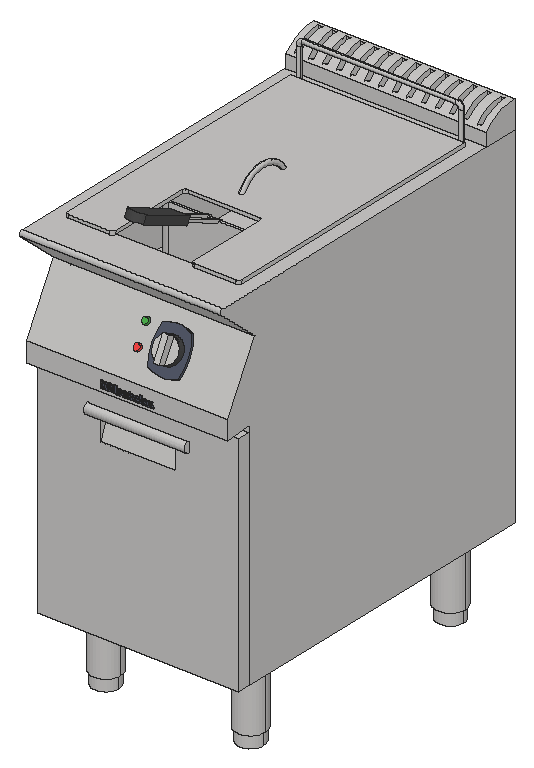
Revit family "QF_ELECTROLUXPROFESSIONAL_371081_E7FRED1GF0", category Specialty Equipment, Revit 2018 (continued)
Automatic sketch dimensions
  Extrusion 39 sketch curve to Extrusion 39 sketch curve = 1.345 mm  (x2)
  Extrusion 39 sketch curve to Extrusion 39 sketch curve = 0.137 mm  (x2)
  Extrusion 39 sketch curve to Extrusion 39 sketch curve = 0.432 mm
  Extrusion 39 sketch curve to Extrusion 39 sketch curve = 1.142 mm
  Extrusion 39 sketch curve to Extrusion 39 sketch curve = 0.959 mm
  Extrusion 39 sketch curve to Extrusion 39 sketch curve = 0.176 mm
  Extrusion 39 sketch curve to Extrusion 39 sketch curve = 0.728 mm
  Extrusion 39 sketch curve to Extrusion 39 sketch curve = 3.375 mm  (x2)
  Extrusion 39 sketch curve to Extrusion 39 sketch curve = 1.905 mm
  Extrusion 39 sketch curve to Extrusion 39 sketch curve = 0.955 mm
  Extrusion 39 sketch curve to Extrusion 39 sketch curve = 1.251 mm
  Extrusion 39 sketch curve to Extrusion 39 sketch curve = 0.572 mm
  Extrusion 39 sketch curve to Extrusion 39 sketch curve = 1.92 mm
  Extrusion 39 sketch curve to Extrusion 39 sketch curve = 1.224 mm
  Extrusion 39 sketch curve to Extrusion 39 sketch curve = 0.745 mm
  Extrusion 39 sketch curve to Extrusion 39 sketch curve = 2.537 mm
  Extrusion 39 sketch curve to Extrusion 39 sketch curve = 0.896 mm  (x3)
  Extrusion 39 sketch curve to Extrusion 39 sketch curve = 0.036 mm
  Extrusion 39 sketch curve to Extrusion 39 sketch curve = 2.607 mm
  Extrusion 39 sketch curve to Extrusion 39 sketch curve = 0.066 mm
  Extrusion 39 sketch curve to Extrusion 39 sketch curve = 0.248 mm
  Extrusion 39 sketch curve to Extrusion 39 sketch curve = 0.449 mm
  Extrusion 39 sketch curve to Extrusion 39 sketch curve = 1.052 mm
  Extrusion 39 sketch curve to Extrusion 39 sketch curve = 1.863 mm
  Extrusion 39 sketch curve to Extrusion 39 sketch curve = 1.31 mm  (x2)
  Extrusion 39 sketch curve to Extrusion 39 sketch curve = 0.901 mm
  Extrusion 39 sketch curve to Extrusion 39 sketch curve = 1.107 mm
  Extrusion 39 sketch curve to Extrusion 39 sketch curve = 2.122 mm
  Extrusion 39 sketch curve to Extrusion 39 sketch curve = 2.101 mm
  Extrusion 39 sketch curve to Extrusion 39 sketch curve = 0.106 mm
  Extrusion 39 sketch curve to Extrusion 39 sketch curve = 0.029 mm
  Extrusion 39 sketch curve to Extrusion 39 sketch curve = 2.09 mm
  Extrusion 39 sketch curve to Extrusion 39 sketch curve = 1.279 mm
  Extrusion 39 sketch curve to Extrusion 39 sketch curve = 2.008 mm
  Extrusion 39 sketch curve to Extrusion 39 sketch curve = 0.738 mm
  Extrusion 39 sketch curve to Extrusion 39 sketch curve = 0.382 mm
  Extrusion 39 sketch curve to Extrusion 39 sketch curve = 0.384 mm
  Extrusion 39 sketch curve to Extrusion 39 sketch curve = 0.002 mm
  Extrusion 39 sketch curve to Extrusion 39 sketch curve = 0.561 mm
  Extrusion 39 sketch curve to Extrusion 39 sketch curve = 0.592 mm
  Extrusion 39 sketch curve to Extrusion 39 sketch curve = 2.692 mm
  Extrusion 39 sketch curve to Extrusion 39 sketch curve = 1.259 mm
  Extrusion 39 sketch curve to Extrusion 39 sketch curve = 0.802 mm
  Extrusion 39 sketch curve to Extrusion 39 sketch curve = 1.024 mm  (x2)
  Extrusion 39 sketch curve to Extrusion 39 sketch curve = 0.682 mm
  Extrusion 39 sketch curve to Extrusion 39 sketch curve = 5.934 mm
  Extrusion 39 sketch curve to Extrusion 39 sketch curve = 2.186 mm
  Extrusion 39 sketch curve to Extrusion 39 sketch curve = 0.337 mm
  Extrusion 39 sketch curve to Extrusion 39 sketch curve = 0.021 mm
  Extrusion 39 sketch curve to Extrusion 39 sketch curve = 1.005 mm
  Extrusion 39 sketch curve to Extrusion 39 sketch curve = 0.552 mm
  Extrusion 39 sketch curve to Extrusion 39 sketch curve = 0.778 mm
  Extrusion 39 sketch curve to Extrusion 39 sketch curve = 0.063 mm
  Extrusion 39 sketch curve to Extrusion 39 sketch curve = 1.023 mm
  Extrusion 39 sketch curve to Extrusion 39 sketch curve = 3.804 mm
  Extrusion 39 sketch curve to Extrusion 39 sketch curve = 0.486 mm
  Extrusion 39 sketch curve to Extrusion 39 sketch curve = 0.266 mm  (x2)
  Extrusion 39 sketch curve to Extrusion 39 sketch curve = 1.547 mm
  Extrusion 39 sketch curve to Extrusion 39 sketch curve = 0.717 mm  (x2)
  Extrusion 39 sketch curve to Extrusion 39 sketch curve = 1.667 mm
  Extrusion 39 sketch curve to Extrusion 39 sketch curve = 3.174 mm
  Extrusion 39 sketch curve to plane 7 "Center Y" = 0.741 mm
  Extrusion 39 sketch curve to Extrusion 39 sketch curve = 0.388 mm
  Extrusion 39 sketch curve to Extrusion 39 sketch curve = 1.342 mm
  Extrusion 39 sketch curve to Extrusion 39 sketch curve = 1.521 mm
  Extrusion 39 sketch curve to Extrusion 39 sketch curve = 0.124 mm
  Extrusion 39 sketch curve to Extrusion 39 sketch curve = 0.291 mm
  plane 7 "Center Y" to Extrusion 39 sketch curve = 6.176 mm
  Extrusion 39 sketch curve to Extrusion 39 sketch curve = 1.049 mm  (x2)
  Extrusion 39 sketch curve to Extrusion 39 sketch curve = 1.7 mm
  Extrusion 39 sketch curve to Extrusion 39 sketch curve = 0.894 mm
  Extrusion 39 sketch curve to Extrusion 39 sketch curve = 0.989 mm
  Extrusion 39 sketch curve to Extrusion 39 sketch curve = 1.168 mm
  Extrusion 39 sketch curve to Extrusion 39 sketch curve = 1.594 mm
  Extrusion 39 sketch curve to Extrusion 39 sketch curve = 0.731 mm
  Extrusion 39 sketch curve to Extrusion 39 sketch curve = 1.566 mm
  Extrusion 39 sketch curve to Extrusion 39 sketch curve = 0.064 mm
  plane 7 "Center Y" to Extrusion 39 sketch curve = 6.733 mm
  Extrusion 39 sketch curve to Extrusion 39 sketch curve = 0.556 mm  (x2)
  Extrusion 39 sketch curve to Extrusion 39 sketch curve = 0.48 mm
  Extrusion 39 sketch curve to Extrusion 39 sketch curve = 1.018 mm
  Extrusion 39 sketch curve to Extrusion 39 sketch curve = 0.787 mm
  Extrusion 39 sketch curve to Extrusion 39 sketch curve = 0.618 mm
  Extrusion 39 sketch curve to Extrusion 39 sketch curve = 1.672 mm
  Extrusion 39 sketch curve to Extrusion 39 sketch curve = 1.361 mm
  Extrusion 39 sketch curve to Extrusion 39 sketch curve = 0.822 mm
  Extrusion 39 sketch curve to Extrusion 39 sketch curve = 0.069 mm
  Extrusion 39 sketch curve to Extrusion 39 sketch curve = 1.88 mm
  Extrusion 39 sketch curve to Extrusion 39 sketch curve = 0.42 mm
  Extrusion 39 sketch curve to Extrusion 39 sketch curve = 0.062 mm
  Extrusion 39 sketch curve to Extrusion 39 sketch curve = 1.355 mm
  Extrusion 39 sketch curve to Extrusion 39 sketch curve = 2.34 mm
  Extrusion 39 sketch curve to Extrusion 39 sketch curve = 0.493 mm
  Extrusion 39 sketch curve to Extrusion 39 sketch curve = 0.136 mm
  Extrusion 39 sketch curve to Extrusion 39 sketch curve = 0.128 mm
  Extrusion 39 sketch curve to Extrusion 39 sketch curve = 3.616 mm
  Extrusion 39 sketch curve to Extrusion 39 sketch curve = 4.207 mm
  Extrusion 39 sketch curve to Extrusion 39 sketch curve = 0.183 mm
  Extrusion 39 sketch curve to Extrusion 39 sketch curve = 0.895 mm
  Extrusion 39 sketch curve to Extrusion 39 sketch curve = 1.314 mm
  Extrusion 39 sketch curve to Extrusion 39 sketch curve = 3.231 mm
  Extrusion 39 sketch curve to Extrusion 39 sketch curve = 1.299 mm
  Extrusion 39 sketch curve to Extrusion 39 sketch curve = 1.214 mm
  Extrusion 39 sketch curve to Extrusion 39 sketch curve = 1.264 mm
  Extrusion 39 sketch curve to Extrusion 39 sketch curve = 0.109 mm
  Extrusion 39 sketch curve to Extrusion 39 sketch curve = 0.357 mm
  Extrusion 39 sketch curve to Extrusion 39 sketch curve = 0.565 mm
  Extrusion 39 sketch curve to Extrusion 39 sketch curve = 2.504 mm
  Extrusion 39 sketch curve to Extrusion 39 sketch curve = 2.459 mm
  Extrusion 39 sketch curve to Extrusion 39 sketch curve = 1.322 mm
  Extrusion 39 sketch curve to Extrusion 39 sketch curve = 2.77 mm
  Extrusion 39 sketch curve to Extrusion 39 sketch curve = 2.51 mm
  Extrusion 39 sketch curve to Extrusion 39 sketch curve = 0.187 mm
  Extrusion 39 sketch curve to Extrusion 39 sketch curve = 2.559 mm
  Extrusion 39 sketch curve to Extrusion 39 sketch curve = 1.556 mm
  Extrusion 39 sketch curve to Extrusion 39 sketch curve = 0.222 mm
  Extrusion 39 sketch curve to Extrusion 39 sketch curve = 1.383 mm
  Extrusion 39 sketch curve to Extrusion 39 sketch curve = 3.114 mm
  Extrusion 39 sketch curve to Extrusion 39 sketch curve = 3.376 mm
  Extrusion 39 sketch curve to Extrusion 39 sketch curve = 0.934 mm
  Extrusion 39 sketch curve to Extrusion 39 sketch curve = 0.191 mm
  Extrusion 39 sketch curve to Extrusion 39 sketch curve = 3.696 mm
  Extrusion 39 sketch curve to Extrusion 39 sketch curve = 2.708 mm
  Extrusion 39 sketch curve to Extrusion 39 sketch curve = 3.333 mm
  Extrusion 39 sketch curve to Extrusion 39 sketch curve = 0.332 mm
  Extrusion 39 sketch curve to Extrusion 39 sketch curve = 1.087 mm
  Extrusion 39 sketch curve to Extrusion 39 sketch curve = 2.23 mm
  Extrusion 39 sketch curve to Extrusion 39 sketch curve = 2.757 mm
  Extrusion 39 sketch curve to Extrusion 39 sketch curve = 0.987 mm
  Extrusion 39 sketch curve to Extrusion 39 sketch curve = 1.529 mm
  Extrusion 39 sketch curve to Extrusion 39 sketch curve = 1.796 mm
  Extrusion 39 sketch curve to Extrusion 39 sketch curve = 2.859 mm
  Extrusion 39 sketch curve to Extrusion 39 sketch curve = 0.853 mm
  Extrusion 39 sketch curve to Extrusion 39 sketch curve = 1.241 mm
  Extrusion 39 sketch curve to Extrusion 39 sketch curve = 2.046 mm  (x2)
  Extrusion 39 sketch curve to Extrusion 39 sketch curve = 2.422 mm
  Extrusion 39 sketch curve to Extrusion 39 sketch curve = 0.27 mm  (x2)
  Extrusion 39 sketch curve to Extrusion 39 sketch curve = 0.69 mm
  Extrusion 39 sketch curve to Extrusion 39 sketch curve = 0.781 mm  (x2)
  Extrusion 39 sketch curve to Extrusion 39 sketch curve = 3.136 mm
  Extrusion 39 sketch curve to Extrusion 39 sketch curve = 1.767 mm
  Extrusion 39 sketch curve to Extrusion 39 sketch curve = 0.138 mm
  Extrusion 39 sketch curve to Extrusion 39 sketch curve = 0.777 mm
  Extrusion 39 sketch curve to Extrusion 39 sketch curve = 1.19 mm
  Extrusion 39 sketch curve to Extrusion 39 sketch curve = 0.782 mm
  Extrusion 39 sketch curve to Extrusion 39 sketch curve = 1.268 mm
  Extrusion 39 sketch curve to Extrusion 39 sketch curve = 0.422 mm  (x2)
  Extrusion 39 sketch curve to Extrusion 39 sketch curve = 1.559 mm
  Extrusion 39 sketch curve to Extrusion 39 sketch curve = 3.927 mm
  Extrusion 39 sketch curve to Extrusion 39 sketch curve = 0.983 mm
  Extrusion 39 sketch curve to Extrusion 39 sketch curve = 1.134 mm
  Extrusion 39 sketch curve to Extrusion 39 sketch curve = 0.094 mm
  Extrusion 39 sketch curve to Extrusion 39 sketch curve = 1.584 mm
  Extrusion 39 sketch curve to Extrusion 39 sketch curve = 0.643 mm
  Extrusion 39 sketch curve to Extrusion 39 sketch curve = 0.916 mm
  Extrusion 39 sketch curve to Extrusion 39 sketch curve = 0.352 mm
  Extrusion 39 sketch curve to Extrusion 39 sketch curve = 0.458 mm
  Extrusion 39 sketch curve to Extrusion 39 sketch curve = 1.282 mm
  Extrusion 39 sketch curve to Extrusion 39 sketch curve = 1.363 mm
  Extrusion 39 sketch curve to Extrusion 39 sketch curve = 0.685 mm
  Extrusion 39 sketch curve to Extrusion 39 sketch curve = 0.905 mm
  Extrusion 39 sketch curve to Extrusion 39 sketch curve = 2.865 mm
  Extrusion 39 sketch curve to Extrusion 39 sketch curve = 0.472 mm
  Extrusion 39 sketch curve to Extrusion 39 sketch curve = 0.101 mm
  Extrusion 39 sketch curve to Extrusion 39 sketch curve = 0.54 mm
  Extrusion 39 sketch curve to Extrusion 39 sketch curve = 0.02 mm
  Extrusion 39 sketch curve to Extrusion 39 sketch curve = 0.468 mm
  Extrusion 39 sketch curve to Extrusion 39 sketch curve = 0.829 mm
  Extrusion 39 sketch curve to Extrusion 39 sketch curve = 0.582 mm
  Extrusion 39 sketch curve to Extrusion 39 sketch curve = 0.166 mm
  Extrusion 39 sketch curve to Extrusion 39 sketch curve = 0.16 mm
  Extrusion 39 sketch curve to Extrusion 39 sketch curve = 2.781 mm
  Extrusion 39 sketch curve to Extrusion 39 sketch curve = 1.118 mm
  Extrusion 39 sketch curve to Extrusion 39 sketch curve = 0.613 mm
  Extrusion 39 sketch curve to Extrusion 39 sketch curve = 0.361 mm
  Extrusion 39 sketch curve to Extrusion 39 sketch curve = 0.897 mm
  Extrusion 39 sketch curve to Extrusion 39 sketch curve = 0.167 mm
  Extrusion 39 sketch curve to Extrusion 39 sketch curve = 0.292 mm
  Extrusion 39 sketch curve to Extrusion 39 sketch curve = 0.305 mm
  Extrusion 39 sketch curve to Extrusion 39 sketch curve = 1.557 mm
  Extrusion 39 sketch curve to Extrusion 39 sketch curve = 2.499 mm
  Extrusion 39 sketch curve to Extrusion 39 sketch curve = 3.062 mm
  Extrusion 39 sketch curve to Extrusion 39 sketch curve = 2.968 mm
  Extrusion 39 sketch curve to Extrusion 39 sketch curve = 5.044 mm
  Extrusion 39 sketch curve to Extrusion 39 sketch curve = 0.629 mm  (x2)
  Extrusion 39 sketch curve to Extrusion 39 sketch curve = 1.131 mm
  Extrusion 39 sketch curve to Extrusion 39 sketch curve = 0.027 mm
  Extrusion 39 sketch curve to Extrusion 39 sketch curve = 2.235 mm
  radius of Sweep 5 sketch curve = 4.353 mm
  radius of Sweep 6 sketch curve = 3.827 mm
  radius of Extrusion 22 sketch curve = 25.4 mm
  radius of Extrusion 23 sketch curve to Extrusion 22 = 0 mm  (x2)
  radius of Extrusion 24 sketch curve = 6.35 mm
  radius of Extrusion 25 sketch curve = 6.35 mm
  radius of Extrusion 38 sketch curve = 12.7 mm
Connectors
  electrical at (348, -505, 588.3), driven by "Volts", driven by "Watts"
    settings: on Extrusion 38, index 1, voltage 400 V, apparent load 10000 VA, apparent load phase1 0 VA, apparent load phase2 0 VA, apparent load phase3 0 VA, power factor 1, load classification "Other", number of poles 1, system type 30, power factor state 1, is connector primary yes, connector utility no, sub classification motor no, connector description "Electrical Connection"
